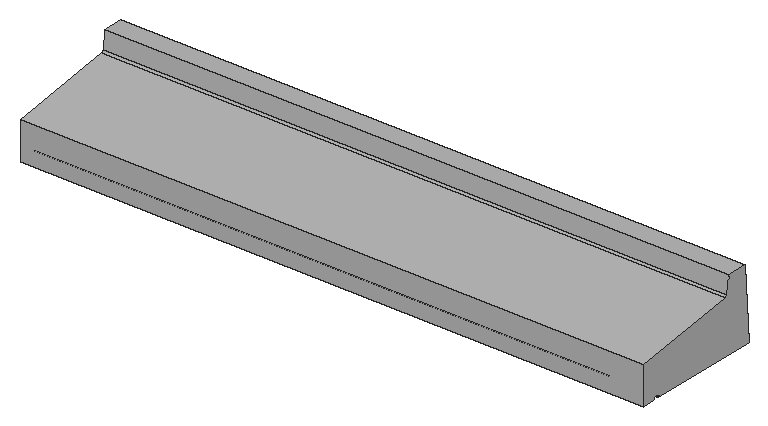
Revit family "G-Sill -S405", category Generic Models, Revit 2020
Family settings
  Can host rebar = No
  Round Connector Dimension = Use Diameter
  Part Type = Normal
  Work Plane-Based = No
  Always vertical = Yes
  Cut with Voids When Loaded = No
  Shared = No
  Room Calculation Point = No
Parameters
  Width of Seating = 31 mm
  Weight = "40Kg/m"
  Warranty Guarantor Parts = "n/a"
  Warranty Guarantor Labour = "n/a"
  Warranty Duration Unit = "n/a"
  Warranty Duration Parts = "n/a"
  Warranty Duration Labour = "n/a"
  Warranty Description = "n/a"
  URL = "www.killeshal.com"
  Types = "Single"
  Type Comments = "Visit our website for a full list of available products."
  Sustainability Performance = "n/a"
  Structural Class = "n/a"
  Span = "Ope Size + 205mm overhang."
  Slope = "0.00°"
  Size = "210mm x 115 to 60mm"
  Sill Width [instance] = 210 mm
  Sill Length [instance] = 1002 mm
  Sill Height [instance] = 115 mm
  Shape = "As per drawing"
  Service Life = "0.000000"
  Serial Number = "n/a"
  Resistance to Fire = "n/a"
  Replacement Cost = "n/a"
  Reference = "n/a"
  Notified Body = "n/a"
  Nominal Cover to Main Bar = "n/a"
  Model = "S/405 Sill"
  Mechanical Resistance = "n/a"
  Manufacturer = "Killeshal Precast Concrete Ltd."
  Load Bearing = no
  Life Cycle Environmental Load = "n/a"
  Length Options = "All sizes made to order."
  Keynote = "The information contained is the sole property of KPC Ltd., any reproduction in part or whole without permission of KPC Ltd. is prohibited."
  Front Face Dimension = 60 mm
  Environmental Product Declaration = "n/a"
  Environmental Class = "n/a"
  Durability against Corrosion = "n/a"
  Distance from Face to Seating = 170 mm
  Dimension Accuracy Class = "n/a"
  Detailing = "As per design specification and product drawings."
  Description = "Type G-Sill"
  Default Elevation = 0 mm
  Dangerous Substances = "n/a"
  Contact Tel = "0035357 9353018"
  Contact Email = "sales@killeshal.com"
  Construction Type = "Precast"
  Construction Tolerance Class = "n/a"
  Compressive Strength of Concrete = "n/a"
  Characteristics of Reinforcing Steel = "n/a"
  Characteristics Deflection Under Load = "n/a"
Reference planes
  plane 1 "Center (Front/Back)": y = 0
  plane 2: z = 0
  plane 3 "Center (Left/Right)": x = 0
  plane 4 "Rear": y = 105
  plane 5 "Front": y = -105
  plane 6 "Top": z = 115
  plane 7 "Center L/T": z = 60
  plane 8 "Center L/U": y = 65
  plane 9 "Center L/V": z = 85
  plane 10 "Center L/W": y = 96
  plane 11 "Center L/X": y = 61.7
Forms (mm)
  Extrusion 1, solid, material "Precast Concrete (KPC)"
    sketch origin (0, 0, 0) x (0, 1, 0) y (0, 0, 1)
      loop
        line (105, 0) -> (97.607, 115) -> (65, 115) -> (62.007, 87.506)
        arc (62.007, 87.506) -> (61.107, 85.577) -> (59.216, 84.599) r 3.3
        line (59.216, 84.599) -> (-105, 60) -> (-105, 0) -> (-85, 0)
        arc (-85, 0) -> (-80, 5) -> (-75, 0) r 5
        line (-75, 0) -> (105, 0)
    from 0 to 1002
Dimensions and locks
  "Sill Length": Extrusion 1 to Extrusion 1
  "Sill Width": plane 4 "Rear" to plane 5 "Front"
  plane 7 "Center L/T" to Extrusion 1 = 60 mm
  "Sill Height": plane 6 "Top" to Extrusion 1
  plane 8 "Center L/U" to plane 5 "Front" = 170 mm
  plane 10 "Center L/W" to plane 8 "Center L/U" = 31 mm
  aligned and locked: level to plane 2
Automatic sketch dimensions
  Extrusion 1 sketch curve to level = 0 mm
  Extrusion 1 sketch curve to plane 5 "Front" = 0 mm
  Extrusion 1 sketch curve to plane 6 "Top" = 0 mm
  Extrusion 1 sketch curve to plane 8 "Center L/U" = 0 mm
  Extrusion 1 sketch curve to plane 4 "Rear" = 0 mm
  Extrusion 1 sketch curve to plane 7 "Center L/T" = 0 mm
  plane 5 "Front" to Extrusion 1 sketch curve = 20 mm
  Extrusion 1 sketch curve to Extrusion 1 sketch curve = 5 mm
  Extrusion 1 sketch curve to plane 11 "Center L/X" = 2.973 mm
  Extrusion 1 sketch curve to plane 9 "Center L/V" = 0.401 mm
  Extrusion 1 sketch curve to plane 11 "Center L/X" = 2.484 mm
  plane 10 "Center L/W" to Extrusion 1 sketch curve = 1.607 mm
  plane 9 "Center L/V" to Extrusion 1 sketch curve = 2.863 mm
  plane 11 "Center L/X" to Extrusion 1 sketch curve = 0.307 mm
  Extrusion 1 sketch curve to Extrusion 1 sketch curve = 0 mm
